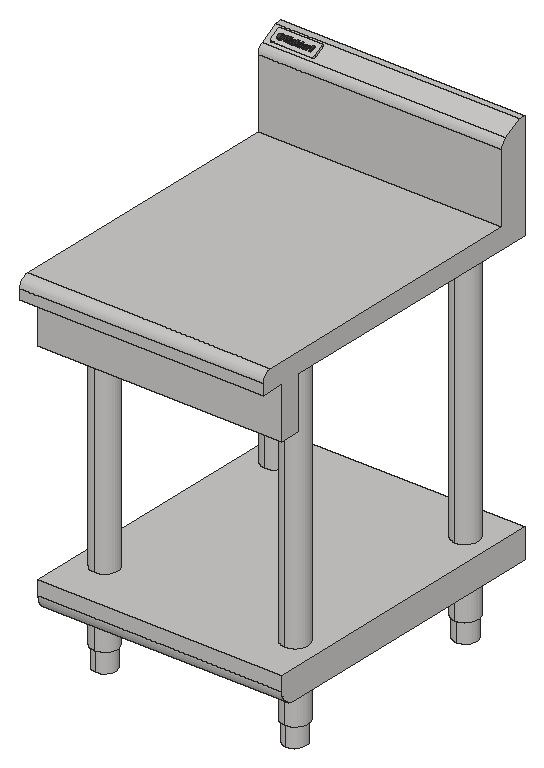
Revit family "QF_MOFFAT WALDORF_BT8600-LS", category Specialty Equipment, Revit 2012
Parameters
  Weight in Pounds = 103.6171  # constant formula
  Width [instance] = 600.00 mm  # constant formula
  URL Cutsheet = "www.moffat.com"
  URL = "www.moffat.com"
  Type Mark [instance] = ""
  Status [instance] = ""
  Specification by User [instance] = ""
  Specification by Manufacturer = ""
  Show Logo [instance] = yes
  Show Casters [instance] = no
  Serial Number = ""
  Seismic Rating = ""
  SMACNA No = ""
  Revision Code [instance] = ""
  Omniclass Number and Title = ""
  NAFEM Spec ID Number = ""
  Model = "BT8600-LS"
  Masterspec = ""
  Manufacturer = "MOFFAT WALDORF"
  Legs [instance] = not(Show Casters)  # yes
  Item Number [instance] = ""
  Installed By [instance] = ""
  Identify Quantity as Lot [instance] = yes
  Height = 1130.00 mm  # constant formula
  Furnished By [instance] = ""
  Foodservice Equipment Identifier [instance] = yes
  Description = "BENCH TOP ON LEG STAND"
  Depth [instance] = 805.00 mm  # constant formula
  CSI MasterFormat = ""
  CSI Master Format = ""
  Back Splash [instance] = 215.00 mm  # constant formula
Reference planes
  plane 1 "BACK": y = 0
  plane 2: z = 0
  plane 3 "LEFT": x = 0
  plane 4 "RIGHT": x = 600
  plane 5 "FRONT": y = -805
  plane 6 "TOP": z = 1130
  plane 7 "Center Y": x = 300
  plane 8 "Center X": y = -402.5
  plane 9 "Base Height": z = 150
  plane 10: z = 915
  plane 11: x = 65
  plane 12: x = 534
  plane 13: y = -625
  plane 14: y = -100
Forms (mm)
  Extrusion 1, solid, material "QF_Finishes_Stainless Steel"
    sketch origin (0, 0, 0) x (0, 1, 0) y (0, 0, 1)
      loop
        line (0, 222.5) -> (-749, 222.5) -> (-749, 188)
        arc (-749, 188) -> (-737.87, 161.13) -> (-711, 150) r 38
        line (-711, 150) -> (0, 150) -> (0, 222.5)
      loop
        line (-805, 891) -> (-805, 866) -> (-749, 866) -> (-749, 740) -> (-699, 740) -> (-699, 866) -> (0, 866) -> (0, 1130) -> (-16.5, 1130) -> (-58, 1106.04)
        arc (-58, 1106.04) -> (-66.785, 1097.255) -> (-70, 1085.255) r 24
        line (-70, 1085.255) -> (-70, 915) -> (-781, 915)
        arc (-781, 915) -> (-797.971, 907.971) -> (-805, 891) r 24
    from 0 to 600
  Extrusion 2, solid, material "QF_Finishes_Stainless Steel"
    sketch origin (0, -699, 222.5) x (0, -1, 0) y (1, 0, 0)
      loop
        circle (-599, 65) r 31.75
      loop
        circle (-599, 534) r 31.75
      loop
        circle (-74, 65) r 31.75
      loop
        circle (-74, 534) r 31.75
    from 0 to 643.5
  Revolve 3, solid, material "QF_Finishes_Stainless Steel", visible <- "Legs"
    sketch origin (534, -210, 0) x (0, 1, 0) y (0, 0, -1)
      loop
        line (78.25, -150) -> (110, -150) -> (110, 0) -> (82.5, 0) -> (82.5, -50) -> (78.25, -50) -> (78.25, -150)
      axis (110, -150) -> (110, 0)
    angle from 0 to 360
  Revolve 4, solid, material "QF_Finishes_Stainless Steel"
    sketch origin (534, -735, 0) x (0, 1, 0) y (0, 0, -1)
      loop
        line (78.25, -150) -> (110, -150) -> (110, 0) -> (82.5, 0) -> (82.5, -50) -> (78.25, -50) -> (78.25, -150)
      axis (110, -150) -> (110, 0)
    angle from 0 to 360
  Revolve 5, solid, material "QF_Finishes_Stainless Steel", visible <- "Legs"
    sketch origin (65, -210, 0) x (0, 1, 0) y (0, 0, -1)
      loop
        line (78.25, -150) -> (110, -150) -> (110, 0) -> (82.5, 0) -> (82.5, -50) -> (78.25, -50) -> (78.25, -150)
      axis (110, -150) -> (110, 0)
    angle from 0 to 360
  Revolve 6, solid, material "QF_Finishes_Stainless Steel"
    sketch origin (65, -735, 0) x (0, 1, 0) y (0, 0, -1)
      loop
        line (78.25, -150) -> (110, -150) -> (110, 0) -> (82.5, 0) -> (82.5, -50) -> (78.25, -50) -> (78.25, -150)
      axis (110, -150) -> (110, 0)
    angle from 0 to 360
Lines and regions (mm)
  symbolic lines
    curve 1: line (0, 0, 0) -> (0, -805, 0)
    curve 2: line (600, 0, 0) -> (0, 0, 0)
    curve 3: line (600, -805, 0) -> (600, 0, 0)
    curve 4: line (0, -70, 0) -> (600, -70, 0)
    curve 5: line (0, -805, 0) -> (600, -805, 0)
    curve 6: line (12.5, -20.958, 0) -> (121.5, -20.958, 0)
    curve 7: line (12.5, -51.234, 0) -> (12.5, -20.958, 0)
    curve 8: line (121.5, -20.958, 0) -> (121.5, -51.234, 0)
    curve 9: line (12.5, -51.234, 0) -> (121.5, -51.234, 0)
Dimensions and locks
  equal spacing: plane 3 "LEFT", plane 7 "Center Y", plane 4 "RIGHT"
  "Width": plane 3 "LEFT" to plane 4 "RIGHT"
  equal spacing: plane 5 "FRONT", plane 8 "Center X", plane 1 "BACK"
  "Depth": plane 5 "FRONT" to plane 1 "BACK"
  locked: plane 10 to level at 915
  locked: plane 9 "Base Height" to level at 150
  plane 6 "TOP" to nested 1 to nested 1 to plane 10 = 1.099 mm locked, 17.226 mm locked, 196.675 mm
  plane 13 to plane 14 = 525.00 mm
  plane 12 to plane 11 = 469.00 mm
  "Height": plane 6 "TOP" to level
  aligned and locked: level to plane 2
Automatic sketch dimensions
  Extrusion 1 sketch curve to plane 5 "FRONT" = 0.00 mm
  Extrusion 1 sketch curve to plane 10 = 0.00 mm
  Extrusion 1 sketch curve to plane 9 "Base Height" = 0.00 mm
  Extrusion 1 sketch curve to plane 6 "TOP" = 0.00 mm
  Extrusion 1 sketch curve to plane 1 "BACK" = 0.00 mm  (x2)
  Extrusion 1 sketch curve to plane 5 "FRONT" = 24.00 mm
  Extrusion 1 sketch curve to Extrusion 1 sketch curve = 32.00 mm
  Extrusion 1 sketch curve to plane 5 "FRONT" = 56.00 mm
  Extrusion 1 sketch curve to Extrusion 1 sketch curve = 38.00 mm
  Extrusion 1 sketch curve to Extrusion 1 sketch curve = 50.00 mm
  plane 14 to Extrusion 1 sketch curve = 30.00 mm
  Extrusion 1 sketch curve to plane 6 "TOP" = 23.96 mm
  Extrusion 1 sketch curve to Extrusion 1 sketch curve = 12.00 mm  (x2)
  Extrusion 1 sketch curve to Extrusion 1 sketch curve = 16.50 mm
  Extrusion 1 sketch curve to Extrusion 1 sketch curve = 34.50 mm
  Extrusion 1 sketch curve to Extrusion 1 sketch curve = 151.00 mm
  Extrusion 1 sketch curve to Extrusion 1 sketch curve = 25.00 mm
  Extrusion 1 sketch curve to plane 10 = 49.00 mm
  Extrusion 2 sketch curve to Extrusion 2 sketch curve = 0.00 mm  (x8)
  Extrusion 1 to Extrusion 2 sketch curve = 68.25 mm  (x2)
  Extrusion 2 sketch curve to Extrusion 2 sketch curve = 31.75 mm  (x4)
  Extrusion 1 to Extrusion 2 sketch curve = 155.75 mm  (x2)
  Extrusion 1 to Extrusion 2 sketch curve = 65.00 mm  (x2)
  Extrusion 1 to Extrusion 2 sketch curve = 66.00 mm  (x2)
  Revolve 3 sketch curve to plane 9 "Base Height" = 0.00 mm
  Revolve 3 sketch curve to level = 0.00 mm
  Revolve 3 sketch curve to plane 14 = 0.00 mm  (x2)
  Revolve 3 sketch curve to plane 14 = 27.50 mm
  Revolve 3 sketch curve to plane 14 = 31.75 mm
  level to Revolve 3 sketch curve = 50.00 mm
  Revolve 3 sketch curve to Revolve 3 sketch curve = 0.00 mm
  Revolve 3 sketch curve to Revolve 3 sketch curve = 55.00 mm
  Revolve 4 sketch curve to plane 9 "Base Height" = 0.00 mm
  Revolve 4 sketch curve to level = 0.00 mm
  Revolve 4 sketch curve to plane 13 = 0.00 mm  (x2)
  Revolve 4 sketch curve to plane 13 = 27.50 mm
  Revolve 4 sketch curve to plane 13 = 31.75 mm
  level to Revolve 4 sketch curve = 50.00 mm
  Revolve 4 sketch curve to Revolve 4 sketch curve = 0.00 mm
  Revolve 4 sketch curve to Revolve 4 sketch curve = 55.00 mm
  Revolve 5 sketch curve to plane 9 "Base Height" = 0.00 mm
  Revolve 5 sketch curve to level = 0.00 mm
  Revolve 5 sketch curve to plane 14 = 0.00 mm  (x2)
  Revolve 5 sketch curve to plane 14 = 27.50 mm
  Revolve 5 sketch curve to plane 14 = 31.75 mm
  level to Revolve 5 sketch curve = 50.00 mm
  Revolve 5 sketch curve to Revolve 5 sketch curve = 0.00 mm
  Revolve 5 sketch curve to Revolve 5 sketch curve = 55.00 mm
  Revolve 6 sketch curve to plane 9 "Base Height" = 0.00 mm
  Revolve 6 sketch curve to level = 0.00 mm
  Revolve 6 sketch curve to plane 13 = 0.00 mm  (x2)
  Revolve 6 sketch curve to plane 13 = 27.50 mm
  Revolve 6 sketch curve to plane 13 = 31.75 mm
  level to Revolve 6 sketch curve = 50.00 mm
  Revolve 6 sketch curve to Revolve 6 sketch curve = 0.00 mm
  Revolve 6 sketch curve to Revolve 6 sketch curve = 55.00 mm
  plane 1 "BACK" to curve 1 = 0.00 mm
  curve 1 to plane 3 "LEFT" = 0.00 mm
  curve 3 to plane 4 "RIGHT" = 0.00 mm
  plane 5 "FRONT" to curve 5 = 0.00 mm
  plane 3 "LEFT" to curve 6 = 12.50 mm
  plane 11 to curve 9 = 56.50 mm
  plane 14 to curve 4 = 30.00 mm
  curve 4 to curve 7 = 18.766 mm
  plane 1 "BACK" to curve 6 = 20.958 mm
Nested families
  nested 1: "WALDORF-LOGO" at (12.5, -35.273, 1102.604), visible <- "Show Logo", type "WALDORF-LOGO", detail levels medium+fine
    with Type Mark "", Status "", Specification by User "", Revision Code "", Item Number "", Installed By "", Identify Quantity as Lot yes, Furnished By "", Foodservice Equipment Identifier yes
  nested 2: "BT8600-LS-CASTERS" at (65, -127.5, 0), Show Casters <- "Show Casters", visible <- "Show Casters", type "BT8600-LS-CASTERS"
    with Type Mark "", Status "", Specification by User "", Show Casters no, Revision Code "", Item Number "", Installed By "", Identify Quantity as Lot yes, Furnished By "", Foodservice Equipment Identifier yes
  nested 3: "BT8600-LS-CASTERS" at (535, -127.5, 0), Show Casters <- "Show Casters", visible <- "Show Casters", type "BT8600-LS-CASTERS"
    with Type Mark "", Status "", Specification by User "", Show Casters no, Revision Code "", Item Number "", Installed By "", Identify Quantity as Lot yes, Furnished By "", Foodservice Equipment Identifier yes
Definition of nested family "WALDORF-LOGO"
  Parameters (values of type "BT8300-CB-LOGO")
    Weight in Pounds = 0
    URL Cutsheet = ""
    Type Mark [instance] = ""
    Status [instance] = ""
    Specification by User [instance] = ""
    Specification by Manufacturer = ""
    Show Logo [instance] = yes
    Serial Number = ""
    Seismic Rating = ""
    SMACNA No = ""
    Revision Code [instance] = ""
    Omniclass Number and Title = ""
    NAFEM Spec ID Number = ""
    Masterspec = ""
    Item Number [instance] = ""
    Installed By [instance] = ""
    Identify Quantity as Lot [instance] = yes
    Furnished By [instance] = ""
    Foodservice Equipment Identifier [instance] = yes
    CSI MasterFormat = ""
    CSI Master Format = ""
  Reference planes
    plane 1 "BACK": y = 0
    plane 2: z = 0
    plane 3 "LEFT": x = 0
    plane 4 "RIGHT": x = 109
    plane 5 "FRONT": y = -1.588
    plane 6 "TOP": z = 34.14
    plane 7 "Center Y": x = 54.5
    plane 8 "Center X": y = -0.794
  Forms (mm)
    Extrusion 1, solid, material "QF_Finishes_Stainless Steel", visible <- "Show Logo"
      sketch origin (0, -15.16, 7.701) x (1, 0, 0) y (0, 0.863373, 0.504566)
        loop
          arc (5, 34.14) -> (1.464, 32.676) -> (0, 29.14) r 5
          line (0, 29.14) -> (0, 5)
          arc (0, 5) -> (1.464, 1.464) -> (5, 0) r 5
          line (5, 0) -> (104, 0)
          arc (104, 0) -> (107.536, 1.464) -> (109, 5) r 5
          line (109, 5) -> (109, 29.14)
          arc (109, 29.14) -> (107.536, 32.676) -> (104, 34.14) r 5
          line (104, 34.14) -> (5, 34.14)
      from 0 to 1.588
    Extrusion 2, solid, material "QF_Finishes_Black", visible <- "Show Logo"
      sketch origin (0, -15.961, 9.072) x (1, 0, 0) y (0, 0.863373, 0.504566)
        loop
          line (24.772, 23.214) -> (27.992, 10.301) -> (31.551, 10.301) -> (33.443, 17.364) -> (35.205, 10.301) -> (39.332, 10.301) -> (42.077, 23.214) -> (38.352, 23.214) -> (36.676, 15.33) -> (35, 23.214) -> (31.752, 23.214) -> (30.076, 15.33) -> (28.4, 23.214) -> (24.772, 23.214)
        loop
          line (42.272, 17.055) -> (45.703, 17.055)
          spline (45.703, 17.055) -> (45.741, 17.285) -> (45.852, 17.499) -> (46.028, 17.682) -> (46.258, 17.823) -> (46.526, 17.912) -> (46.813, 17.942) -> (47.1, 17.912) -> (47.368, 17.823) -> (47.597, 17.682) -> (47.774, 17.499) -> (47.884, 17.285) -> (47.922, 17.055)
          line (47.922, 17.055) -> (47.922, 16.222)
          arc (47.922, 16.222) -> (45.742, 16.014) -> (43.665, 15.317) r 9.604
          arc (43.665, 15.317) -> (41.924, 12.809) -> (43.665, 10.301) r 2.677
          arc (43.665, 10.301) -> (45.527, 10.353) -> (47.332, 10.816) r 8.365
          line (47.332, 10.816) -> (48.092, 11.105) -> (48.092, 10.301) -> (51.817, 10.301) -> (51.817, 17.055)
          spline (51.817, 17.055) -> (51.654, 17.821) -> (51.178, 18.535) -> (50.419, 19.148) -> (49.431, 19.619) -> (48.28, 19.914) -> (47.044, 20.015) -> (45.809, 19.914) -> (44.658, 19.619) -> (43.67, 19.148) -> (42.911, 18.535) -> (42.434, 17.821) -> (42.272, 17.055)
        loop
          line (53.151, 23.214) -> (53.151, 10.301) -> (57.37, 10.301) -> (57.37, 23.214) -> (53.151, 23.214)
        loop
          line (64.874, 23.214) -> (64.874, 18.857)
          arc (64.874, 18.857) -> (58.083, 15.11) -> (64.874, 11.363) r 4.429
          line (64.874, 11.363) -> (64.874, 10.301) -> (68.378, 10.301) -> (68.378, 23.214) -> (64.874, 23.214)
        loop
          arc (64.874, 16.083) -> (61.41, 14.987) -> (64.874, 13.891) r 1.905
          line (64.874, 13.891) -> (64.874, 16.083)
        loop
          circle (74.623, 15.223) r 5
        loop
          spline (74.623, 17.856) -> (74.355, 17.766) -> (74.105, 17.503) -> (73.891, 17.084) -> (73.726, 16.539) -> (73.623, 15.904) -> (73.588, 15.223) -> (73.623, 14.541) -> (73.726, 13.906) -> (73.891, 13.361) -> (74.105, 12.942) -> (74.355, 12.679) -> (74.623, 12.59)
          spline (74.623, 12.59) -> (74.891, 12.679) -> (75.141, 12.942) -> (75.355, 13.361) -> (75.52, 13.906) -> (75.623, 14.541) -> (75.659, 15.223) -> (75.623, 15.904) -> (75.52, 16.539) -> (75.355, 17.084) -> (75.141, 17.503) -> (74.891, 17.766) -> (74.623, 17.856)
        loop
          line (81.255, 19.813) -> (81.255, 10.301) -> (84.834, 10.301) -> (84.834, 14.176)
          arc (84.834, 14.176) -> (85.854, 16.093) -> (88.013, 16.32) r 2.313
          line (88.013, 16.32) -> (88.013, 19.813) -> (87.161, 19.813)
          arc (87.161, 19.813) -> (85.526, 19.266) -> (84.549, 17.844) r 2.717
          line (84.549, 17.844) -> (84.549, 19.813) -> (81.255, 19.813)
        loop
          line (90.249, 19.813) -> (88.91, 19.813) -> (88.91, 17.614) -> (90.249, 17.614) -> (90.249, 10.301) -> (93.998, 10.301) -> (93.998, 17.614) -> (95.418, 17.614) -> (95.418, 19.813) -> (93.998, 19.813)
          arc (93.998, 19.813) -> (94.414, 20.817) -> (95.418, 21.233) r 1.42
          line (95.418, 21.233) -> (95.418, 23.602) -> (93.317, 23.602)
          arc (93.317, 23.602) -> (91.343, 22.903) -> (90.249, 21.118) r 3.137
          line (90.249, 21.118) -> (90.249, 19.813)
        loop
          arc (15.241, 23.571) -> (8.392, 16.525) -> (15.241, 9.479) r 7.049
          line (15.241, 9.479) -> (15.241, 23.571)
        loop
          line (15.641, 23.571) -> (15.641, 9.479)
          arc (15.641, 9.479) -> (22.49, 16.525) -> (15.641, 23.571) r 7.049
        loop
          arc (47.922, 14.711) -> (46.266, 13.749) -> (47.922, 12.787) r 1.107
          line (47.922, 12.787) -> (47.922, 14.711)
      from 0 to 0.2
  Dimensions and locks
    equal spacing: plane 3 "LEFT", plane 7 "Center Y", plane 4 "RIGHT"
    plane 3 "LEFT" to plane 4 "RIGHT" = 109.00 mm
    equal spacing: plane 5 "FRONT", plane 8 "Center X", plane 1 "BACK"
    plane 5 "FRONT" to plane 1 "BACK" = 1.588 mm
    aligned and locked: level to plane 2
  Automatic sketch dimensions
    Extrusion 1 sketch curve to plane 3 "LEFT" = 0.00 mm
    Extrusion 1 sketch curve to plane 4 "RIGHT" = 0.00 mm
    plane 3 "LEFT" to Extrusion 1 sketch curve = 5.00 mm  (x2)
    plane 4 "RIGHT" to Extrusion 1 sketch curve = 5.00 mm  (x2)
    Extrusion 1 sketch curve to Extrusion 1 sketch curve = 24.14 mm
    Extrusion 2 sketch curve to Extrusion 2 sketch curve = 0.00 mm  (x14)
    Extrusion 2 sketch curve to Extrusion 1 = 15.241 mm
    Extrusion 2 sketch curve to Extrusion 2 sketch curve = 0.20 mm
    Extrusion 2 sketch curve to Extrusion 2 sketch curve = 0.40 mm
    Extrusion 2 sketch curve to Extrusion 2 sketch curve = 9.131 mm
    Extrusion 2 sketch curve to Extrusion 1 = 10.301 mm  (x2)
    Extrusion 2 sketch curve to Extrusion 2 sketch curve = 12.351 mm
    Extrusion 2 sketch curve to Extrusion 2 sketch curve = 3.628 mm
    Extrusion 2 sketch curve to Extrusion 2 sketch curve = 2.084 mm
    Extrusion 2 sketch curve to Extrusion 2 sketch curve = 3.559 mm
    Extrusion 2 sketch curve to Extrusion 1 = 10.926 mm  (x2)
    Extrusion 2 sketch curve to Extrusion 2 sketch curve = 3.352 mm  (x2)
    Extrusion 2 sketch curve to Extrusion 2 sketch curve = 3.367 mm
    Extrusion 2 sketch curve to Extrusion 2 sketch curve = 3.249 mm
    Extrusion 2 sketch curve to Extrusion 2 sketch curve = 3.654 mm
    Extrusion 2 sketch curve to Extrusion 1 = 15.33 mm
    Extrusion 2 sketch curve to Extrusion 2 sketch curve = 3.233 mm
    Extrusion 2 sketch curve to Extrusion 2 sketch curve = 4.128 mm
    Extrusion 2 sketch curve to Extrusion 2 sketch curve = 3.725 mm
    Extrusion 2 sketch curve to Extrusion 2 sketch curve = 5.596 mm
    Extrusion 2 sketch curve to Extrusion 2 sketch curve = 4.333 mm
    Extrusion 2 sketch curve to Extrusion 2 sketch curve = 1.394 mm
    Extrusion 2 sketch curve to Extrusion 2 sketch curve = 2.092 mm
    Extrusion 2 sketch curve to Extrusion 2 sketch curve = 0.936 mm
    Extrusion 2 sketch curve to Extrusion 2 sketch curve = 1.34 mm
    Extrusion 2 sketch curve to Extrusion 2 sketch curve = 1.109 mm
    Extrusion 2 sketch curve to Extrusion 2 sketch curve = 0.232 mm
    Extrusion 2 sketch curve to Extrusion 2 sketch curve = 2.731 mm
    Extrusion 2 sketch curve to Extrusion 2 sketch curve = 0.549 mm  (x2)
    Extrusion 2 sketch curve to Extrusion 2 sketch curve = 0.407 mm
    Extrusion 2 sketch curve to Extrusion 2 sketch curve = 0.76 mm
    Extrusion 2 sketch curve to Extrusion 2 sketch curve = 1.334 mm
    Extrusion 2 sketch curve to Extrusion 2 sketch curve = 4.219 mm
    Extrusion 2 sketch curve to Extrusion 2 sketch curve = 5.142 mm
    Extrusion 2 sketch curve to Extrusion 2 sketch curve = 0.803 mm
    Extrusion 2 sketch curve to Extrusion 2 sketch curve = 1.558 mm
    Extrusion 2 sketch curve to Extrusion 2 sketch curve = 3.504 mm
    Extrusion 2 sketch curve to Extrusion 2 sketch curve = 6.245 mm
    Extrusion 2 sketch curve to Extrusion 2 sketch curve = 6.632 mm
    Extrusion 2 sketch curve to Extrusion 2 sketch curve = 3.294 mm
    Extrusion 2 sketch curve to Extrusion 2 sketch curve = 3.579 mm
    Extrusion 2 sketch curve to Extrusion 2 sketch curve = 2.313 mm
    Extrusion 2 sketch curve to Extrusion 2 sketch curve = 2.612 mm
    Extrusion 2 sketch curve to Extrusion 2 sketch curve = 0.852 mm
    Extrusion 2 sketch curve to Extrusion 2 sketch curve = 0.897 mm
    Extrusion 2 sketch curve to Extrusion 2 sketch curve = 3.102 mm
    Extrusion 2 sketch curve to Extrusion 2 sketch curve = 1.338 mm
    Extrusion 2 sketch curve to Extrusion 2 sketch curve = 3.068 mm
    Extrusion 2 sketch curve to Extrusion 2 sketch curve = 0.681 mm
    Extrusion 2 sketch curve to Extrusion 2 sketch curve = 3.749 mm
    Extrusion 2 sketch curve to Extrusion 2 sketch curve = 1.42 mm
    Extrusion 2 sketch curve to Extrusion 2 sketch curve = 5.029 mm  (x2)
    Extrusion 2 sketch curve to Extrusion 1 = 9.479 mm
    Extrusion 2 sketch curve to Extrusion 2 sketch curve = 3.681 mm
    Extrusion 2 sketch curve to Extrusion 2 sketch curve = 0.515 mm
    Extrusion 2 sketch curve to Extrusion 2 sketch curve = 0.804 mm
    Extrusion 2 sketch curve to Extrusion 2 sketch curve = 1.062 mm
    Extrusion 2 sketch curve to Extrusion 2 sketch curve = 1.682 mm
    Extrusion 2 sketch curve to Extrusion 2 sketch curve = 2.508 mm
    Extrusion 2 sketch curve to Extrusion 2 sketch curve = 0.962 mm
    Extrusion 2 sketch curve to Extrusion 2 sketch curve = 2.528 mm
    Extrusion 2 sketch curve to Extrusion 2 sketch curve = 3.875 mm
    Extrusion 2 sketch curve to Extrusion 2 sketch curve = 1.096 mm
    Extrusion 2 sketch curve to Extrusion 2 sketch curve = 0.123 mm
    Extrusion 2 sketch curve to Extrusion 2 sketch curve = 4.922 mm
    Extrusion 2 sketch curve to Extrusion 2 sketch curve = 7.046 mm
    Extrusion 2 sketch curve to Extrusion 2 sketch curve = 0.833 mm
    Extrusion 2 sketch curve to Extrusion 2 sketch curve = 0.776 mm
    Extrusion 2 sketch curve to Extrusion 2 sketch curve = 2.034 mm
    Extrusion 2 sketch curve to Extrusion 2 sketch curve = 7.314 mm
    Extrusion 2 sketch curve to Extrusion 2 sketch curve = 1.295 mm
    Extrusion 2 sketch curve to Extrusion 2 sketch curve = 0.749 mm
    Extrusion 2 sketch curve to Extrusion 2 sketch curve = 2.633 mm
    Extrusion 2 sketch curve to Extrusion 2 sketch curve = 2.198 mm  (x2)
    Extrusion 2 sketch curve to Extrusion 2 sketch curve = 1.968 mm
    Extrusion 2 sketch curve to Extrusion 2 sketch curve = 0.653 mm
    Extrusion 2 sketch curve to Extrusion 2 sketch curve = 1.305 mm
    Extrusion 2 sketch curve to Extrusion 2 sketch curve = 4.357 mm
    Extrusion 2 sketch curve to Extrusion 2 sketch curve = 6.159 mm
    radius of Extrusion 2 sketch curve = 5.00 mm
Definition of nested family "BT8600-LS-CASTERS"
  Parameters (values of type "BT8600-LS-CASTERS")
    Weight = ""
    URL Manufacturer = ""
    URL Cutsheet = ""
    URL = ""
    Type Mark [instance] = ""
    Status [instance] = ""
    Specification by User [instance] = ""
    Specification by Manufacturer = ""
    Show Casters [instance] = no
    Serial Number = ""
    Seismic Rating = ""
    SMACNA No = ""
    Revision Code [instance] = ""
    Omniclass Number and Title = ""
    NAFEM Spec ID Number = ""
    Model = ""
    MasterSpec. = ""
    Manufacturer = ""
    Item Number [instance] = ""
    Installed By [instance] = ""
    Identify Quantity as Lot [instance] = yes
    Furnished By [instance] = ""
    Foodservice Equipment Identifier [instance] = yes
    Description = ""
    CSI MasterFormat = ""
    CSI Master Format = ""
    Assembly Code = ""
  Reference planes
    plane 1: z = 0
    plane 2 "RIGHT": x = 0
    plane 3 "FRONT": y = 0
    plane 4 "Base Height": z = 150
  Forms (mm)
    Revolve 1, solid, material "QF_Finishes_Stainless Steel", visible <- "Show Casters"
      sketch origin (0, 56.335, 0) x (0, 1, 0) y (0, 0, 1)
        loop
          line (-56.335, 152.4) -> (-56.335, 141.118) -> (-23.798, 141.118) -> (-23.798, 152.4) -> (-56.335, 152.4)
        axis (-56.335, 141.118) -> (-56.335, 152.4)
      angle from 0 to 360
    Extrusion 2, solid, material "QF_Finishes_Stainless Steel", visible <- "Show Casters"
      sketch origin (-46.049, 56.335, 0) x (0, 1, 0) y (0, 0, 1)
        loop
          line (-85.799, 141.118) -> (-85.799, 133.498) -> (-82.136, 133.498)
          arc (-82.136, 133.498) -> (-79.344, 132.328) -> (-77.146, 130.248) r 8.432
          line (-77.146, 130.248) -> (-39.502, 49.52)
          arc (-39.502, 49.52) -> (-13.784, 46.107) -> (-5.673, 70.75) r 20.32
          arc (-5.673, 70.75) -> (-7.065, 73.611) -> (-8.887, 76.22) r 20.32
          arc (-8.887, 76.22) -> (-9.399, 85.377) -> (-6.626, 94.119) r 25.4
          line (-6.626, 94.119) -> (8.003, 121.632)
          arc (8.003, 121.632) -> (-2.347, 126.31) -> (-13.34, 129.167) r 66.802
          line (-13.34, 129.167) -> (-13.765, 133.498) -> (-26.871, 133.498) -> (-26.871, 141.118) -> (-85.799, 141.118)
      from 20.058 to 22.923
    Extrusion 3, solid, material "QF_Finishes_Stainless Steel", visible <- "Show Casters"
      sketch origin (3.326, 56.335, 0) x (0, 1, 0) y (0, 0, 1)
        loop
          line (-85.799, 141.118) -> (-85.799, 133.498) -> (-82.136, 133.498)
          arc (-82.136, 133.498) -> (-79.344, 132.328) -> (-77.146, 130.248) r 8.432
          line (-77.146, 130.248) -> (-39.502, 49.52)
          arc (-39.502, 49.52) -> (-13.784, 46.107) -> (-5.673, 70.75) r 20.32
          arc (-5.673, 70.75) -> (-7.065, 73.611) -> (-8.887, 76.22) r 20.32
          arc (-8.887, 76.22) -> (-9.399, 85.377) -> (-6.626, 94.119) r 25.4
          line (-6.626, 94.119) -> (8.003, 121.632)
          arc (8.003, 121.632) -> (-2.347, 126.31) -> (-13.34, 129.167) r 66.802
          line (-13.34, 129.167) -> (-13.765, 133.498) -> (-26.871, 133.498) -> (-26.871, 141.118) -> (-85.799, 141.118)
      from 20.058 to 22.923
    Extrusion 4, solid, material "QF_Finishes_Stainless Steel", visible <- "Show Casters"
      sketch origin (-49.224, 56.335, 0) x (0, 1, 0) y (0, 0, 1)
        loop
          line (-85.799, 141.118) -> (-85.799, 133.498) -> (-82.136, 133.498) -> (-18.877, 127.964) -> (7.14, 120.01) -> (8.003, 121.632)
          arc (8.003, 121.632) -> (-2.347, 126.31) -> (-13.34, 129.167) r 66.802
          line (-13.34, 129.167) -> (-13.765, 133.498) -> (-26.871, 133.498) -> (-26.871, 141.118) -> (-85.799, 141.118)
      from 26.098 to 72.56
    Revolve 5, solid, material "QF_Finishes_Stainless Steel", visible <- "Show Casters"
      sketch origin (-49.224, 30.821, 0) x (1, 0, 0) y (0, 0, 1)
        loop
          line (14.841, 63.604) -> (83.584, 63.604) -> (83.584, 67.109) -> (82.314, 68.379) -> (80.79, 68.379) -> (80.79, 71.826) -> (68.644, 71.826) -> (68.644, 81.79) -> (65.088, 83.843) -> (61.683, 104.879) -> (65.881, 104.879) -> (65.881, 111.229) -> (65.088, 111.229) -> (65.088, 117.579)
          arc (65.088, 117.579) -> (62.298, 124.314) -> (55.563, 127.104) r 9.525
          line (55.563, 127.104) -> (42.863, 127.104)
          arc (42.863, 127.104) -> (36.127, 124.314) -> (33.338, 117.579) r 9.525
          line (33.338, 117.579) -> (33.338, 111.229) -> (32.544, 111.229) -> (32.544, 104.879) -> (36.742, 104.879) -> (33.352, 83.932) -> (29.782, 81.871) -> (29.782, 71.826) -> (17.635, 71.826) -> (17.635, 68.379) -> (16.111, 68.379) -> (14.841, 67.109) -> (14.841, 63.604)
        axis (14.841, 63.604) -> (83.584, 63.604)
      angle from 0 to 360
  Cuts and joins
    joined: Extrusion 2, Extrusion 3, Extrusion 4
  Lines and regions (mm)
    symbolic lines, style "SpecialityEquipmentHiddenLines", visible <- "Show Casters"
      curve 1: line (18.009, 67.053, 0) -> (45.595, 51.127, 0)
      curve 2: line (-45.491, -42.932, 0) -> (18.009, 67.053, 0)
      curve 3: line (-17.905, -58.859, 0) -> (-45.491, -42.932, 0)
      curve 4: line (45.595, 51.127, 0) -> (-17.905, -58.859, 0)
  Dimensions and locks
    plane 4 "Base Height" to level = 150.00 mm  (x2)
    Revolve 5 sketch curve to Revolve 5 sketch curve = 63.50 mm
    aligned and locked: level to plane 1
